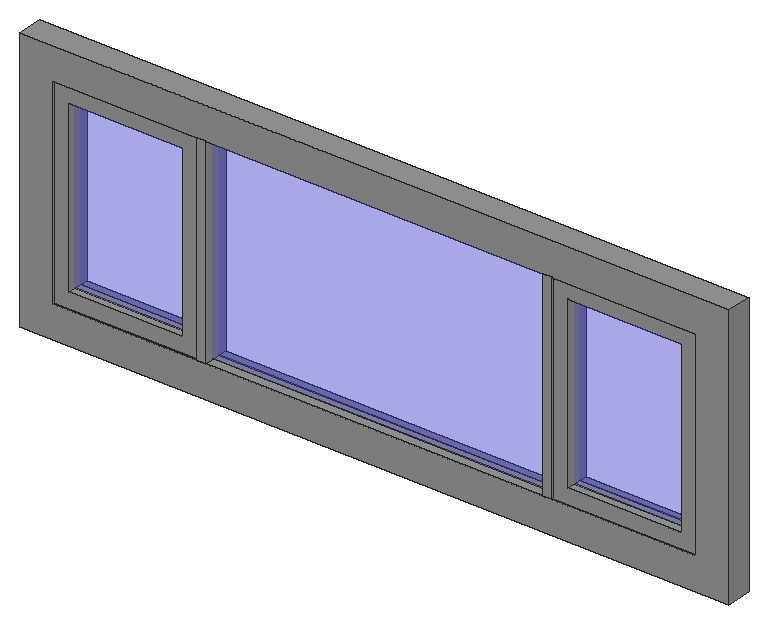
Revit family "Family51", category Windows, host Wall, Revit 2018
Family settings
  Host = Wall
  OmniClass Number = 23.30.20.00
  OmniClass Title = Windows
  Always vertical = Yes
  Cut with Voids When Loaded = No
  Shared = No
  Room Calculation Point = No
Parameters
  Window Thickness = 84 mm
  Window Frame = White
  Visual Light Transmittance = 0.81
  URL = "www.skywardwindows.co.za"
  Thermal Resistance (R) = 0.3196 (m²·K)/W
  Telephone = "021 276 1800"
  Solar Heat Gain Coefficient = 0.76
  Manufacturer = "Skyward Windows"
  Height = 890 mm
  Heat Transfer Coefficient (U) = 3.1292 W/(m²·K)
  Glass Thickness = 4 mm
  Glass = Glass
  Email Address = "info@skywardwindows.co.za"
  Default Sill Height = 800 mm
  Wall Closure = By host
  Width = 2390 mm
  Company Address = "Charles Matthews Street Atlantis 7349"
  Analytic Construction = "Double glazing - domestic"
Reference planes
  plane 1 "Center (Front/Back)": y = 0
  plane 2 "Center (Left/Right)": x = 0
  plane 3 "Left": x = -1195
  plane 4 "Right": x = 1195
  plane 5 "Sill": z = 800
  plane 6 "Head": z = 1690
  plane 7 "Exterior": y = 100
  plane 8 "Interior": y = -100
Forms (mm)
  Extrusion 1, solid, material "White" <- "Window Frame"
    sketch origin (0, -100, 0) x (1, 0, 0) y (0, 0, 1)
      loop
        line (-1195, 1690) -> (-1195, 800) -> (1195, 800) -> (1195, 1690) -> (-1195, 1690)
      loop
        line (-1086, 909) -> (1086, 909) -> (1086, 1581) -> (-1086, 1581) -> (-1086, 909)
    from -142 to -58
  Extrusion 2, solid, material "White" <- "Window Frame"
    sketch origin (0, -100, 0) x (1, 0, 0) y (0, 0, 1)
      loop
        line (-1086, 1581) -> (-1086, 909) -> (-600, 909) -> (-600, 1581) -> (-1086, 1581)
      loop
        line (1086, 1581) -> (600, 1581) -> (600, 909) -> (1086, 909) -> (1086, 1581)
      loop
        line (-1036, 959) -> (-650, 959) -> (-650, 1531) -> (-1036, 1531) -> (-1036, 959)
      loop
        line (650, 1531) -> (650, 959) -> (1036, 959) -> (1036, 1531) -> (650, 1531)
    from -138 to -62
  Extrusion 3, solid, material "White" <- "Window Frame"
    sketch origin (0, -100, 0) x (1, 0, 0) y (0, 0, 1)
      loop
        line (-600, 1581) -> (-600, 909) -> (-570, 909) -> (-570, 1581) -> (-600, 1581)
      loop
        line (600, 1581) -> (570, 1581) -> (570, 909) -> (600, 909) -> (600, 1581)
    from -142 to -58
  Extrusion 4, solid, material "Glass" <- "Glass"
    sketch origin (0, 0, 0) x (1, 0, 0) y (0, 1, 0)
      loop
        line (-1036, 14) -> (-1036, 10) -> (-650, 10) -> (-650, 14) -> (-1036, 14)
      loop
        line (-1036, -10) -> (-1036, -14) -> (-650, -14) -> (-650, -10) -> (-1036, -10)
      loop
        line (650, 14) -> (650, 10) -> (1036, 10) -> (1036, 14) -> (650, 14)
      loop
        line (1036, -10) -> (650, -10) -> (650, -14) -> (1036, -14) -> (1036, -10)
    from 959 to 1531
  Extrusion 5, solid, material "Glass" <- "Glass"
    sketch origin (0, 0, 0) x (1, 0, 0) y (0, 1, 0)
      loop
        line (-570, 14) -> (-570, 10) -> (570, 10) -> (570, 14) -> (-570, 14)
      loop
        line (570, -10) -> (-570, -10) -> (-570, -14) -> (570, -14) -> (570, -10)
    from 909 to 1581
Lines and regions (mm)
  Opening 1
    outline origin (3500, -100, 0) x (1, 0, 0) y (0, 0, 1)
      loop
        line (-2305, 800) -> (-2305, 1690) -> (-4695, 1690) -> (-4695, 800) -> (-2305, 800)
Text (mm)
  text "EXTERIOR" at (-1963.203, 1332.353, 0), in view "Ref. Level"
  text "INTERIOR" at (-1981.466, -818.386, 0), in view "Ref. Level"
  text "Exterior" at (0, 923.751, 2943.296), in view "Right"
  text "Exterior" at (0, 1040.484, 2685.409), in view "Left"
Dimensions and locks
  equal spacing: plane 3 "Left", plane 2 "Center (Left/Right)", plane 4 "Right"
  "Width": plane 3 "Left" to plane 4 "Right"
  "Height": plane 5 "Sill" to plane 6 "Head"
  "Default Sill Height": plane 5 "Sill" to level
  locked: plane 7 "Exterior" to host wall at 0
  locked: plane 8 "Interior" to host wall
  "Window Thickness": Extrusion 1 to Extrusion 1
  "Glass Thickness": Extrusion 5 to Extrusion 5
  "Glass Thickness": Extrusion 4 to Extrusion 4
  aligned and locked: Extrusion 1 sketch curve to host wall  (x4)
  aligned and locked: Extrusion 5 to Extrusion 1
Automatic sketch dimensions
  Opening 1 sketch curve to plane 3 "Left" = 0 mm
  Opening 1 sketch curve to plane 4 "Right" = 0 mm
  Opening 1 sketch curve to plane 5 "Sill" = 0 mm
  Opening 1 sketch curve to plane 6 "Head" = 0 mm
  Extrusion 1 sketch curve to plane 3 "Left" = 109 mm
  plane 4 "Right" to Extrusion 1 sketch curve = 109 mm
  Extrusion 1 sketch curve to plane 5 "Sill" = 109 mm
  plane 6 "Head" to Extrusion 1 sketch curve = 109 mm
  Extrusion 2 sketch curve to plane 3 "Left" = 109 mm
  Extrusion 2 sketch curve to Extrusion 2 sketch curve = 50 mm  (x8)
  plane 6 "Head" to Extrusion 2 sketch curve = 159 mm
  plane 2 "Center (Left/Right)" to Extrusion 2 sketch curve = 650 mm
  plane 6 "Head" to Extrusion 2 sketch curve = 109 mm
  Extrusion 2 sketch curve to plane 2 "Center (Left/Right)" = 600 mm
  plane 4 "Right" to Extrusion 2 sketch curve = 159 mm
  Extrusion 2 sketch curve to plane 5 "Sill" = 159 mm  (x2)
  Extrusion 3 sketch curve to plane 5 "Sill" = 109 mm  (x2)
  plane 2 "Center (Left/Right)" to Extrusion 3 sketch curve = 600 mm
  Extrusion 3 sketch curve to Extrusion 3 sketch curve = 30 mm  (x2)
  Extrusion 3 sketch curve to plane 2 "Center (Left/Right)" = 570 mm
  plane 6 "Head" to Extrusion 3 sketch curve = 109 mm  (x2)
  Extrusion 4 sketch curve to host wall = 14 mm  (x2)
  Extrusion 4 sketch curve to plane 3 "Left" = 159 mm
  Extrusion 4 sketch curve to Extrusion 4 sketch curve = 0 mm  (x4)
  host wall to Extrusion 4 sketch curve = 10 mm  (x2)
  plane 2 "Center (Left/Right)" to Extrusion 4 sketch curve = 650 mm
  Extrusion 4 sketch curve to plane 2 "Center (Left/Right)" = 650 mm
  plane 4 "Right" to Extrusion 4 sketch curve = 159 mm
  Extrusion 4 sketch curve to Extrusion 4 sketch curve = 4 mm  (x4)
  Extrusion 5 sketch curve to host wall = 14 mm
  plane 2 "Center (Left/Right)" to Extrusion 5 sketch curve = 570 mm
  host wall to Extrusion 5 sketch curve = 10 mm
  Extrusion 5 sketch curve to Extrusion 5 sketch curve = 0 mm  (x2)
  Extrusion 5 sketch curve to plane 2 "Center (Left/Right)" = 570 mm
  Extrusion 5 sketch curve to Extrusion 5 sketch curve = 4 mm  (x2)
